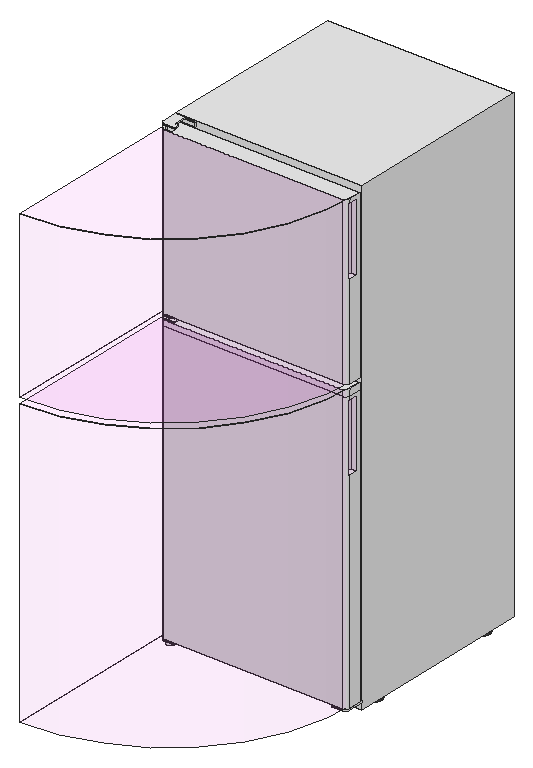
Revit family "QF_Summit_FF1088W_Top Mount Refrigerator_Freezer", category Specialty Equipment, Revit 2020
Family settings
  Round Connector Dimension = Use Diameter
  Part Type = Normal
  Work Plane-Based = No
  Always vertical = Yes
  Cut with Voids When Loaded = No
  Shared = No
  Room Calculation Point = No
Parameters
  Weight in Pounds = 117
  Watts = Volts * FL Amps  # 172.5 W
  Volts = 115 V
  URL Cutsheet = ""
  Specification by User = ""
  Specification by Manufacturer = ""
  Show RHD [instance] = not(Show LHD)  # yes
  Show LHD [instance] = no
  Show Clearance [instance] = yes
  Serial Number = ""
  Seismic Rating = ""
  SMACNA No = ""
  Revision Code = ""
  Refrigerant Volume = 0.00 kip
  Refrigerant Type = "R600a"
  Phase = 1
  Number of Poles = 1
  NAFEM Spec ID Number = ""
  Model = "FF1088W"
  Min Ckt Ampacity = 0 A
  Max Overcurrent Protection = 0 A
  Masterspec = ""
  Manufacturer = "Summit"
  Length = 23 1/4"
  Item Number = ""
  Installed By = ""
  Identify Quantity as Lot = yes
  Height = 59 5/8"
  HP = ""
  Furnished By = ""
  Foodservice Equipment Identifier = yes
  FL Amps = 1.5 A
  Electrical Remarks = ""
  Electric Connection Type = ""
  Elec Conn RI Height = 0"
  Elec Conn Connection Height = 0"
  Description = "Top Mount Refrigerator-Freezer"
  Depth = 26 1/2"
  Default Elevation = 0"
  Cycle = 60 Hz
  Conn Plug = ""
  Conn Conduit = yes
  CSI MasterFormat = ""
  BTUH = 0.0 Btu/h
  Apparent Power = 0 VA
Reference planes (in)
  plane 1 "BACK": y = 0
  plane 2: z = 0
  plane 3 "LEFT": x = 0
  plane 4 "RIGHT": x = 23.25
  plane 5 "FRONT": y = -26.5
  plane 6 "TOP": z = 59.625
  plane 7 "Center Y": x = 11.625
  plane 8 "Center X": y = -13.25
Dimensions and locks (in)
  equal spacing: plane 3 "LEFT", plane 7 "Center Y", plane 4 "RIGHT"
  "Length": plane 3 "LEFT" to plane 4 "RIGHT"
  equal spacing: plane 5 "FRONT", plane 8 "Center X", plane 1 "BACK"
  "Depth": plane 5 "FRONT" to plane 1 "BACK"
  "Height": plane 6 "TOP" to level
  aligned and locked: level to plane 2
Nested families (in)
  nested 1: "FF1087B" at (0, 0, 0), Show Clearance <- "Show Clearance", Show LHD <- "Show LHD", Show RHD <- "Show RHD", type "FF1087B"
    with Show RHD yes, Show LHD no, Show Clearance yes
Connectors (in)
  electrical at (19.5385, 0.03125, 2.88959), driven by "Volts", driven by "Watts"
    settings: on nested 1, index 1, voltage 115 V, apparent load 172.5 VA, apparent load phase1 0 VA, apparent load phase2 0 VA, apparent load phase3 0 VA, power factor 1, load classification "Other", number of poles 1, system type 30, power factor state 1, is connector primary yes, connector utility no, sub classification motor no, connector description "ELECTRICAL CONNECTION"
Definition of nested family "FF1087B"
  Parameters (values of type "FF1087B")
    Weight in Pounds = 0
    URL Cutsheet = ""
    Specification by User = ""
    Specification by Manufacturer = ""
    Show RHD [instance] = yes
    Show LHD [instance] = yes
    Show Clearance [instance] = yes
    Serial Number = ""
    Seismic Rating = ""
    SMACNA No = ""
    Revision Code = ""
    NAFEM Spec ID Number = ""
    Masterspec = ""
    Length = 23 1/4"
    Item Number = ""
    Installed By = ""
    Identify Quantity as Lot = yes
    Height = 59 5/8"
    Furnished By = ""
    Foodservice Equipment Identifier = yes
    Depth = 26 1/2"
    Default Elevation = 0"
    CSI MasterFormat = ""
  Reference planes (in)
    plane 1 "BACK": y = 0
    plane 2: z = 0
    plane 3 "LEFT": x = 0
    plane 4 "RIGHT": x = 23.25
    plane 5 "FRONT": y = -26.5
    plane 6 "TOP": z = 59.625
    plane 7 "Center Y": x = 11.625
    plane 8 "Center X": y = -13.25
    plane 9: z = 1
    plane 10: y = -48
  Forms (in)
    Extrusion 1, solid
      sketch origin (-7.61333, -180, 1) x (-1, 0, 0) y (0, -1, 0)
        loop
          line (-7.61333, -180) -> (-7.61333, -156.375) -> (-30.86333, -156.375) -> (-30.86333, -180) -> (-7.61333, -180)
      from 0 to 58.625
    Extrusion 2, solid
      sketch origin (-7.61333, -180, 59) x (-1, 0, 0) y (0, -1, 0)
        loop
          line (-7.61333, -155.93028) -> (-7.61333, -154.39525)
          arc (-7.61333, -154.39525) -> (-7.74743, -154.05448) -> (-8.07781, -153.89651) r 0.5
          arc (-8.07781, -153.89651) -> (-19.23833, -153.49958) -> (-30.39885, -153.89651) r 157.10016
          arc (-30.39885, -153.89651) -> (-30.72922, -154.05448) -> (-30.86333, -154.39525) r 0.5
          line (-30.86333, -154.39525) -> (-30.86333, -155.93028) -> (-7.61333, -155.93028)
      from 0 to -20.625
    Extrusion 3, solid
      sketch origin (-7.61333, -180, 37.75) x (-1, 0, 0) y (0, -1, 0)
        loop
          line (-7.61333, -155.93028) -> (-7.61333, -154.39525)
          arc (-7.61333, -154.39525) -> (-7.74743, -154.05448) -> (-8.07781, -153.89651) r 0.5
          arc (-8.07781, -153.89651) -> (-19.23833, -153.49958) -> (-30.39885, -153.89651) r 157.10016
          arc (-30.39885, -153.89651) -> (-30.72922, -154.05448) -> (-30.86333, -154.39525) r 0.5
          line (-30.86333, -154.39525) -> (-30.86333, -155.93028) -> (-7.61333, -155.93028)
      from -0.75 to -35.75
    Extrusion 4, solid
      sketch origin (-7.61333, -180, 59) x (-1, 0, 0) y (0, -1, 0)
        loop
          line (-30.74672, -156.375) -> (-7.74209, -156.375) -> (-7.74209, -155.93028) -> (-30.74672, -155.93028) -> (-30.74672, -156.375)
      from -0.24547 to -20.26909
    Extrusion 5, solid
      sketch origin (-7.61333, -180, 37.75) x (-1, 0, 0) y (0, -1, 0)
        loop
          line (-30.74672, -156.375) -> (-7.74209, -156.375) -> (-7.74209, -155.93028) -> (-30.74672, -155.93028) -> (-30.74672, -156.375)
      from -0.38759 to -35.3814
    Extrusion 6, solid, visible <- "Show LHD"
      sketch origin (-7.61333, -180, 59.625) x (-1, 0, 0) y (0, -1, 0)
        loop
          line (-29.60685, -156.21332) -> (-29.60685, -154.96332) -> (-29.07652, -154.43299) -> (-29.07652, -153.89651) -> (-30.39885, -153.89651)
          arc (-30.39885, -153.89651) -> (-30.72922, -154.05448) -> (-30.86333, -154.39525) r 0.5
          line (-30.86333, -154.39525) -> (-30.86333, -156.375) -> (-28.35685, -156.375) -> (-28.35685, -156.21332) -> (-29.60685, -156.21332)
      from 0 to -0.11515
    Extrusion 7, solid, visible <- "Show LHD"
      sketch origin (-7.61333, -180, 59.50985) x (0, -1, 0) y (-1, 0, 0)
        loop
          circle (-154.55995, -30.08212) r 0.5
      from 0 to 0.50985
    Extrusion 8, solid, visible <- "Show LHD"
      sketch origin (24.24916, -23.625, 1) x (-1, 0, 0) y (0, 0, -1)
        loop
          line (3.50564, -58.50985) -> (3.50564, -58) -> (0.99916, -58) -> (0.99916, -58.50985) -> (3.50564, -58.50985)
      from 0 to 0.16168
    Extrusion 9, solid, visible <- "Show LHD"
      sketch origin (-7.61333, -180, 38.375) x (0, -1, 0) y (-1, 0, 0)
        loop
          line (-156.21332, -29.60685) -> (-156.21332, -28.35685) -> (-156.375, -28.35685) -> (-156.375, -30.86333) -> (-154.39525, -30.86333)
          arc (-154.39525, -30.86333) -> (-154.05448, -30.72922) -> (-153.89651, -30.39885) r 0.5
          line (-153.89651, -30.39885) -> (-153.89651, -29.07652) -> (-154.43299, -29.07652) -> (-154.96332, -29.60685) -> (-156.21332, -29.60685)
      from 0 to 0.11328
    Extrusion 10, solid, visible <- "Show LHD"
      sketch origin (24.24916, -23.625, -20.13485) x (-1, 0, 0) y (0, 0, -1)
        loop
          line (3.50564, -58.50985) -> (3.50564, -58.19538) -> (0.99916, -58.19538) -> (0.99916, -58.50985) -> (3.50564, -58.50985)
      from 0 to 0.16168
    Extrusion 11, solid, visible <- "Show LHD"
      sketch origin (-7.61333, -180, 38.26172) x (1, 0, 0) y (0, -1, 0)
        loop
          circle (30.08212, -154.55995) r 0.5
      from 0 to 0.20119
    Extrusion 12, solid, visible <- "Show LHD"
      sketch origin (-7.61333, -180, 37.87144) x (1, 0, 0) y (0, 1, 0)
        loop
          line (29.60685, 156.21332) -> (29.60685, 154.96332) -> (29.07652, 154.43299) -> (29.07652, 153.89651) -> (30.39885, 153.89651)
          arc (30.39885, 153.89651) -> (30.72922, 154.05448) -> (30.86333, 154.39525) r 0.5
          line (30.86333, 154.39525) -> (30.86333, 156.375) -> (28.35685, 156.375) -> (28.35685, 156.21332) -> (29.60685, 156.21332)
      from 0 to 0.11328
    Extrusion 13, solid, visible <- "Show LHD"
      sketch origin (24.24916, -23.625, 96.25985) x (-1, 0, 0) y (0, 0, -1)
        loop
          line (3.50564, 58.50985) -> (0.99916, 58.50985) -> (0.99916, 58.38841) -> (3.50564, 58.38841) -> (3.50564, 58.50985)
      from 0 to 0.16168
    Extrusion 14, solid, visible <- "Show LHD"
      sketch origin (-7.61333, -180, 37.98472) x (0, 1, 0) y (1, 0, 0)
        loop
          circle (154.55995, 30.08212) r 0.5
      from 0.11328 to 0.23472
    Extrusion 15, solid
      sketch origin (-7.61333, -180, 1.87856) x (0, -1, 0) y (-1, 0, 0)
        loop
          line (-156.21332, -29.60685) -> (-156.21332, -28.35685) -> (-156.375, -28.35685) -> (-156.375, -30.86333) -> (-154.39525, -30.86333)
          arc (-154.39525, -30.86333) -> (-154.05448, -30.72922) -> (-153.89651, -30.39885) r 0.5
          line (-153.89651, -30.39885) -> (-153.89651, -29.07652) -> (-154.43299, -29.07652) -> (-154.96332, -29.60685) -> (-156.21332, -29.60685)
      from 0 to 0.11328
    Extrusion 16, solid
      sketch origin (24.24916, -23.625, -56.50985) x (-1, 0, 0) y (0, 0, -1)
        loop
          line (3.50564, -58.50985) -> (3.50564, -58.38841) -> (0.99916, -58.38841) -> (0.99916, -58.50985) -> (3.50564, -58.50985)
      from 0 to 0.16168
    Extrusion 17, solid
      sketch origin (-7.61333, -180, 1.87856) x (0, -1, 0) y (1, 0, 0)
        loop
          circle (-154.55995, 30.08212) r 0.5
      from 0 to 0.12144
    Extrusion 18, solid
      sketch origin (0, 0, 0) x (1, 0, 0) y (0, 0, 1)
        loop
          circle (19.5385, 2.88959) r 0.25
      from 0 to -0.03125
    Extrusion 19, solid, visible <- "Show LHD"
      sketch origin (-7.61333, -180, 59) x (-1, 0, 0) y (0, -1, 0)
        loop
          arc (-7.61333, -155.93028) -> (-14.17783, -139.0485) -> (-30.86333, -132) r 23.25
          line (-30.86333, -132) -> (-30.86333, -155.93028) -> (-7.61333, -155.93028)
      from 0 to -20.625
    Extrusion 20, solid, visible <- "Show LHD"
      sketch origin (-7.61333, -180, 37) x (-1, 0, 0) y (0, -1, 0)
        loop
          arc (-7.62328, -155.93028) -> (-14.18431, -139.05207) -> (-30.86333, -132) r 23.25
          line (-30.86333, -132) -> (-30.86333, -155.93028) -> (-7.62328, -155.93028)
      from 0.75 to -35
    Extrusion 21, void
      sketch origin (0, 0, 0) x (0, 1, 0) y (0, 0, 1)
        loop
          line (-24.51783, 58.58233) -> (-25.76783, 58.58233) -> (-25.76783, 50.08233) -> (-24.51783, 50.08233) -> (-24.51783, 58.58233)
        loop
          line (-24.51783, 36.58233) -> (-25.76783, 36.58233) -> (-25.76783, 28.08233) -> (-24.51783, 28.08233) -> (-24.51783, 36.58233)
      from 0 to 0.6986
    Revolve 22, solid
      sketch origin (-240, -19.625, 7.84354) x (0, 0, 1) y (-1, 0, 0)
        loop
          line (-6.84354, -241.5) -> (-7.84354, -241.5) -> (-7.84354, -242.25) -> (-6.84354, -242.25) -> (-6.84354, -241.5)
        axis (-7.84354, -241.5) -> (-6.84354, -241.5)
      angle from 0 to 360
    Revolve 23, solid
      sketch origin (-240, -19.625, 7.84354) x (0, 0, 1) y (-1, 0, 0)
        loop
          line (-6.84354, -261.75) -> (-6.84354, -261) -> (-7.84354, -261) -> (-7.84354, -261.75) -> (-6.84354, -261.75)
        axis (-7.84354, -261.75) -> (-6.84354, -261.75)
      angle from 0 to 360
    Revolve 24, solid
      sketch origin (-240, -2.75, 7.84354) x (0, 0, 1) y (1, 0, 0)
        loop
          line (-6.84354, 241.5) -> (-6.84354, 242.25) -> (-7.84354, 242.25) -> (-7.84354, 241.5) -> (-6.84354, 241.5)
        axis (-7.84354, 241.5) -> (-6.84354, 241.5)
      angle from 0 to 360
    Revolve 25, solid
      sketch origin (-240, -2.75, 7.84354) x (0, 0, 1) y (1, 0, 0)
        loop
          line (-6.84354, 261.75) -> (-7.84354, 261.75) -> (-7.84354, 261) -> (-6.84354, 261) -> (-6.84354, 261.75)
        axis (-7.84354, 261.75) -> (-6.84354, 261.75)
      angle from 0 to 360
    Extrusion 26, solid, visible <- "Show RHD"
      sketch origin (30.86333, -180, 59) x (1, 0, 0) y (0, 1, 0)
        loop
          line (-7.61333, 155.93028) -> (-30.86333, 155.93028) -> (-30.86333, 132)
          arc (-30.86333, 132) -> (-14.17783, 139.0485) -> (-7.61333, 155.93028) r 23.25
      from 0 to -20.625
    Extrusion 27, solid, visible <- "Show RHD"
      sketch origin (30.86333, -180, 37) x (1, 0, 0) y (0, 1, 0)
        loop
          line (-7.62328, 155.93028) -> (-30.86333, 155.93028) -> (-30.86333, 132)
          arc (-30.86333, 132) -> (-14.18431, 139.05207) -> (-7.62328, 155.93028) r 23.25
      from 0.75 to -35
    Extrusion 28, solid, visible <- "Show RHD"
      sketch origin (30.86333, -180, 59.625) x (1, 0, 0) y (0, 1, 0)
        loop
          line (-29.60685, 156.21332) -> (-28.35685, 156.21332) -> (-28.35685, 156.375) -> (-30.86333, 156.375) -> (-30.86333, 154.39525)
          arc (-30.86333, 154.39525) -> (-30.72922, 154.05448) -> (-30.39885, 153.89651) r 0.5
          line (-30.39885, 153.89651) -> (-29.07652, 153.89651) -> (-29.07652, 154.43299) -> (-29.60685, 154.96332) -> (-29.60685, 156.21332)
      from 0 to -0.11515
    Extrusion 29, solid, visible <- "Show RHD"
      sketch origin (30.86333, -180, 59.50985) x (0, 1, 0) y (1, 0, 0)
        loop
          circle (154.55995, -30.08212) r 0.5
      from 0 to 0.50985
    Extrusion 30, solid, visible <- "Show RHD"
      sketch origin (-0.99916, -23.625, 1) x (1, 0, 0) y (0, 0, 1)
        loop
          line (3.50564, 58.50985) -> (0.99916, 58.50985) -> (0.99916, 58) -> (3.50564, 58) -> (3.50564, 58.50985)
      from 0 to 0.16168
    Extrusion 31, solid, visible <- "Show RHD"
      sketch origin (30.86333, -180, 38.375) x (0, 1, 0) y (1, 0, 0)
        loop
          line (156.21332, -29.60685) -> (154.96332, -29.60685) -> (154.43299, -29.07652) -> (153.89651, -29.07652) -> (153.89651, -30.39885)
          arc (153.89651, -30.39885) -> (154.05448, -30.72922) -> (154.39525, -30.86333) r 0.5
          line (154.39525, -30.86333) -> (156.375, -30.86333) -> (156.375, -28.35685) -> (156.21332, -28.35685) -> (156.21332, -29.60685)
      from 0 to 0.11328
    Extrusion 32, solid, visible <- "Show RHD"
      sketch origin (-0.99916, -23.625, -20.13485) x (1, 0, 0) y (0, 0, 1)
        loop
          line (3.50564, 58.50985) -> (0.99916, 58.50985) -> (0.99916, 58.19538) -> (3.50564, 58.19538) -> (3.50564, 58.50985)
      from 0 to 0.16168
    Extrusion 33, solid, visible <- "Show RHD"
      sketch origin (30.86333, -180, 38.26172) x (-1, 0, 0) y (0, 1, 0)
        loop
          circle (30.08212, 154.55995) r 0.5
      from 0 to 0.20119
    Extrusion 34, solid, visible <- "Show RHD"
      sketch origin (30.86333, -180, 37.87144) x (-1, 0, 0) y (0, -1, 0)
        loop
          line (29.60685, -156.21332) -> (28.35685, -156.21332) -> (28.35685, -156.375) -> (30.86333, -156.375) -> (30.86333, -154.39525)
          arc (30.86333, -154.39525) -> (30.72922, -154.05448) -> (30.39885, -153.89651) r 0.5
          line (30.39885, -153.89651) -> (29.07652, -153.89651) -> (29.07652, -154.43299) -> (29.60685, -154.96332) -> (29.60685, -156.21332)
      from 0 to 0.11328
    Extrusion 35, solid, visible <- "Show RHD"
      sketch origin (-0.99916, -23.625, 96.25985) x (1, 0, 0) y (0, 0, 1)
        loop
          line (3.50564, -58.50985) -> (3.50564, -58.38841) -> (0.99916, -58.38841) -> (0.99916, -58.50985) -> (3.50564, -58.50985)
      from 0 to 0.16168
    Extrusion 36, solid, visible <- "Show RHD"
      sketch origin (30.86333, -180, 37.98472) x (0, -1, 0) y (-1, 0, 0)
        loop
          circle (-154.55995, 30.08212) r 0.5
      from 0.11328 to 0.23472
    Extrusion 37, void
      sketch origin (23.25, 0, 0) x (0, 1, 0) y (0, 0, -1)
        loop
          line (-24.51783, -58.58233) -> (-24.51783, -50.08233) -> (-25.76783, -50.08233) -> (-25.76783, -58.58233) -> (-24.51783, -58.58233)
        loop
          line (-24.51783, -36.58233) -> (-24.51783, -28.08233) -> (-25.76783, -28.08233) -> (-25.76783, -36.58233) -> (-24.51783, -36.58233)
      from 0 to 0.6986
    Extrusion 38, solid
      sketch origin (-7.61333, -180, 39.75) x (-1, 0, 0) y (0, -1, 0)
        loop
          line (-7.61333, -155.93028) -> (-7.61333, -154.39525)
          arc (-7.61333, -154.39525) -> (-7.74743, -154.05448) -> (-8.07781, -153.89651) r 0.5
          arc (-8.07781, -153.89651) -> (-19.23833, -153.49958) -> (-30.39885, -153.89651) r 157.10016
          arc (-30.39885, -153.89651) -> (-30.72922, -154.05448) -> (-30.86333, -154.39525) r 0.5
          line (-30.86333, -154.39525) -> (-30.86333, -155.93028) -> (-7.61333, -155.93028)
      from -2 to -2.75
    Extrusion 39, solid, visible <- "Show RHD"
      sketch origin (30.86333, -180, 1.76341) x (0, -1, 0) y (-1, 0, 0)
        loop
          line (-156.21332, 29.60685) -> (-154.96332, 29.60685) -> (-154.43299, 29.07652) -> (-153.89651, 29.07652) -> (-153.89651, 30.39885)
          arc (-153.89651, 30.39885) -> (-154.05448, 30.72922) -> (-154.39525, 30.86333) r 0.5
          line (-154.39525, 30.86333) -> (-156.375, 30.86333) -> (-156.375, 28.35685) -> (-156.21332, 28.35685) -> (-156.21332, 29.60685)
      from 0 to -0.11515
    Extrusion 40, solid, visible <- "Show RHD"
      sketch origin (30.86333, -180, 1.87856) x (1, 0, 0) y (0, -1, 0)
        loop
          circle (-30.08212, -154.55995) r 0.5
      from 0 to 0.50985
    Extrusion 41, solid, visible <- "Show RHD"
      sketch origin (-0.99916, -23.625, 60.38841) x (1, 0, 0) y (0, 0, 1)
        loop
          line (3.50564, -58.50985) -> (3.50564, -58.38841) -> (0.99916, -58.38841) -> (0.99916, -58.50985) -> (3.50564, -58.50985)
      from 0 to 0.16168
  Cuts and joins
    joined: Extrusion 6, Extrusion 8
    joined: Extrusion 15, Extrusion 16
    joined: Extrusion 12, Extrusion 13
    joined: Extrusion 9, Extrusion 10
    Extrusion 21, Extrusion 37 cuts Extrusion 2
    Extrusion 21, Extrusion 37 cuts Extrusion 3
    Extrusion 37 cuts Extrusion 20
  Lines and regions (in)
    symbolic lines, visible <- "Show LHD"
      curve 1: line (23.25, -24.06972, 0) -> (2.81923, -35.86543, 0)
      curve 2: arc (0, -24.06972, 0) -> (0.62694, -30.15463, 0) -> (2.81923, -35.86543, 0) r 23.25
      curve 7: line (20.74352, -23.625, 0) -> (20.74352, -23.78668, 0)
      curve 8: line (20.74352, -23.78668, 0) -> (23.25, -23.78668, 0)
      curve 9: line (21.99352, -23.78668, 0) -> (21.99352, -25.03668, 0)
      curve 10: line (21.99352, -25.03668, 0) -> (21.46319, -25.56701, 0)
      curve 11: line (21.46319, -25.56701, 0) -> (21.46319, -26.10349, 0)
      curve 12: line (21.46319, -26.10349, 0) -> (22.78552, -26.10349, 0)
      curve 15: line (21.99352, -24.06972, 0) -> (0, -24.06972, 0)
    symbolic lines
      curve 3: line (0, 0, 0) -> (0, -23.625, 0)
      curve 4: line (0, -23.625, 0) -> (23.25, -23.625, 0)
      curve 5: line (23.25, -25.60475, 0) -> (23.25, 0, 0)
      curve 6: line (23.25, 0, 0) -> (0, 0, 0)
      curve 13: arc (22.78552, -26.10349, 0) -> (23.1159, -25.94552, 0) -> (23.25, -25.60475, 0) r 0.5
      curve 14: line (0.12876, -23.625, 0) -> (0.12876, -24.06972, 0)
      curve 16: line (0, -24.06972, 0) -> (0, -25.60475, 0)
      curve 17: arc (0, -25.60475, 0) -> (0.1341, -25.94552, 0) -> (0.46448, -26.10349, 0) r 0.5
      curve 18: arc (0.46448, -26.10349, 0) -> (11.625, -26.50042, 0) -> (22.78552, -26.10349, 0) r 157.10016
    symbolic lines, visible <- "Show RHD"
      curve 19: line (0, -24.06972, 0) -> (20.43077, -35.86543, 0)
      curve 20: arc (23.25, -24.06972, 0) -> (22.62306, -30.15463, 0) -> (20.43077, -35.86543, 0) r 23.25
      curve 21: line (1.25648, -23.78668, 0) -> (1.25648, -25.03668, 0)
      curve 22: line (1.25648, -25.03668, 0) -> (1.78681, -25.56701, 0)
      curve 23: line (1.78681, -25.56701, 0) -> (1.78681, -26.10349, 0)
      curve 24: line (1.78681, -26.10349, 0) -> (0.46448, -26.10349, 0)
      curve 25: line (2.50648, -23.625, 0) -> (2.50648, -23.78668, 0)
      curve 26: line (2.50648, -23.78668, 0) -> (0, -23.78668, 0)
      curve 27: line (1.25648, -24.06972, 0) -> (23.25, -24.06972, 0)
  Dimensions and locks (in)
    equal spacing: plane 3 "LEFT", plane 7 "Center Y", plane 4 "RIGHT"
    "Length": plane 3 "LEFT" to plane 4 "RIGHT"
    equal spacing: plane 5 "FRONT", plane 8 "Center X", plane 1 "BACK"
    "Depth": plane 5 "FRONT" to plane 1 "BACK"
    "Height": plane 6 "TOP" to level
    plane 1 "BACK" to plane 10 = 48"
    aligned and locked: level to plane 2
    aligned and locked: cut or joined group of Extrusion 20, Extrusion 37 to Extrusion 38
    aligned and locked: Extrusion 27 to cut or joined group of Extrusion 20, Extrusion 37
    aligned and locked: Extrusion 20 to Extrusion 17
    aligned and locked: Extrusion 27 to Extrusion 17
  Automatic sketch dimensions
    curve 19 to plane 3 "LEFT" = 0"
    curve 26 to plane 3 "LEFT" = 0"
    plane 1 "BACK" to curve 3 = 0"
    curve 3 to plane 3 "LEFT" = 0"
    curve 18 to plane 7 "Center Y" = 0"
    curve 13 to plane 4 "RIGHT" = 0"
    plane 3 "LEFT" to curve 20 = 0.00995"
    plane 3 "LEFT" to curve 24 = 0.46448"
    curve 17 to curve 17 = 0.03552"
    curve 17 to curve 21 = 0.75648"
    curve 21 to curve 23 = 0.53033"
    curve 21 to curve 26 = 1 1/4"
    plane 3 "LEFT" to curve 1 = 2.81923"
    plane 4 "RIGHT" to curve 19 = 2.81923"
    plane 4 "RIGHT" to curve 8 = 2.50648"
    plane 4 "RIGHT" to curve 11 = 1.78681"
    curve 10 to curve 9 = 0.53033"
    plane 4 "RIGHT" to curve 13 = 1/2"
    plane 4 "RIGHT" to curve 2 = 0.00995"
    curve 3 to plane 5 "FRONT" = 2 7/8"
    curve 25 to curve 25 = 0.16168"
    curve 7 to curve 7 = 0.16168"
    curve 27 to curve 8 = 0.28304"
    curve 19 to curve 26 = 0.28304"
    curve 2 to curve 1 = 0.68028"
    curve 20 to curve 15 = 0.68028"
    curve 10 to curve 15 = 0.96696"
    curve 21 to curve 27 = 0.96696"
    curve 23 to curve 21 = 0.53033"
    curve 11 to curve 9 = 0.53033"
    curve 5 to curve 2 = 0.85475"
    curve 19 to curve 11 = 9.76194"
    curve 15 to curve 14 = 0.12876"
    plane 1 "BACK" to Extrusion 1 sketch curve = 0"
    Extrusion 1 sketch curve to plane 4 "RIGHT" = 0"
    Extrusion 1 sketch curve to plane 3 "LEFT" = 0"
    Extrusion 1 sketch curve to plane 5 "FRONT" = 2 7/8"
    Extrusion 2 sketch curve to plane 4 "RIGHT" = 0"
    Extrusion 2 sketch curve to plane 7 "Center Y" = 0"
    Extrusion 2 sketch curve to plane 3 "LEFT" = 0"
    plane 4 "RIGHT" to Extrusion 2 sketch curve = 1/2"
    Extrusion 2 sketch curve to Extrusion 2 sketch curve = 1/2"
    Extrusion 2 sketch curve to plane 1 "BACK" = 130.59974"
    Extrusion 2 sketch curve to plane 5 "FRONT" = 2.43028"
    Extrusion 2 sketch curve to plane 5 "FRONT" = 0.89525"  (x2)
    Extrusion 2 sketch curve to Extrusion 2 sketch curve = 0"
    Extrusion 3 sketch curve to plane 4 "RIGHT" = 0"
    Extrusion 3 sketch curve to plane 7 "Center Y" = 0"
    Extrusion 3 sketch curve to plane 3 "LEFT" = 0"
    plane 4 "RIGHT" to Extrusion 3 sketch curve = 1/2"
    Extrusion 3 sketch curve to Extrusion 3 sketch curve = 1/2"
    Extrusion 3 sketch curve to plane 1 "BACK" = 130.59974"
    Extrusion 3 sketch curve to plane 5 "FRONT" = 2.43028"
    Extrusion 3 sketch curve to plane 5 "FRONT" = 0.89525"  (x2)
    Extrusion 3 sketch curve to Extrusion 3 sketch curve = 0"
    Extrusion 4 sketch curve to Extrusion 2 = 0"
    Extrusion 4 sketch curve to Extrusion 2 = 0.11661"
    Extrusion 4 sketch curve to Extrusion 2 = 0.12876"
    Extrusion 2 to Extrusion 4 sketch curve = 0.44472"
    plane 4 "RIGHT" to Extrusion 5 sketch curve = 0.11661"
    plane 3 "LEFT" to Extrusion 5 sketch curve = 0.12876"
    Extrusion 5 sketch curve to plane 5 "FRONT" = 2 7/8"
    Extrusion 5 sketch curve to Extrusion 5 sketch curve = 0.44472"
    Extrusion 6 sketch curve to Extrusion 1 = 0"
    Extrusion 1 to Extrusion 6 sketch curve = 0"
    Extrusion 6 sketch curve to Extrusion 1 = 0.46448"
    Extrusion 6 sketch curve to Extrusion 6 sketch curve = 1/2"
    Extrusion 6 sketch curve to Extrusion 6 sketch curve = 0.75648"
    Extrusion 6 sketch curve to Extrusion 6 sketch curve = 0.53033"  (x2)
    Extrusion 6 sketch curve to Extrusion 6 sketch curve = 1 1/4"  (x2)
    Extrusion 1 to Extrusion 6 sketch curve = 0.16168"
    Extrusion 6 sketch curve to Extrusion 6 sketch curve = 0.56807"
    Extrusion 6 to Extrusion 7 sketch curve = 0.66344"
    Extrusion 6 to Extrusion 7 sketch curve = 0.47527"
    Extrusion 8 sketch curve to Extrusion 1 = 0"
    Extrusion 1 to Extrusion 8 sketch curve = 5/8"
    Extrusion 8 sketch curve to Extrusion 8 sketch curve = 2.50648"
    Extrusion 1 to Extrusion 8 sketch curve = 0.11515"
    Extrusion 9 sketch curve to Extrusion 9 sketch curve = 0.03774"
    Extrusion 9 sketch curve to Extrusion 9 sketch curve = 0.53033"  (x2)
    Extrusion 9 sketch curve to Extrusion 2 = 0.28304"
    Extrusion 9 sketch curve to Extrusion 2 = 0.44472"
    Extrusion 9 sketch curve to Extrusion 9 sketch curve = 0.53648"
    Extrusion 2 to Extrusion 9 sketch curve = 1.25648"
    Extrusion 9 sketch curve to Extrusion 9 sketch curve = 1 1/4"
    Extrusion 10 sketch curve to Extrusion 1 = 0"
    Extrusion 10 sketch curve to Extrusion 10 sketch curve = 2.50648"
    Extrusion 1 to Extrusion 10 sketch curve = 21 1/4"
    Extrusion 10 sketch curve to Extrusion 10 sketch curve = 0.31447"
    Extrusion 9 to Extrusion 11 sketch curve = 0.47527"
    Extrusion 9 to Extrusion 11 sketch curve = 0.66344"
    Extrusion 12 sketch curve to plane 4 "RIGHT" = 0"
    plane 4 "RIGHT" to Extrusion 12 sketch curve = 0.46448"
    plane 4 "RIGHT" to Extrusion 12 sketch curve = 1/2"
    plane 4 "RIGHT" to Extrusion 12 sketch curve = 1.25648"
    Extrusion 12 sketch curve to plane 5 "FRONT" = 0.39651"
    Extrusion 12 sketch curve to Extrusion 12 sketch curve = 0.53033"  (x2)
    Extrusion 12 sketch curve to Extrusion 12 sketch curve = 1 1/4"  (x2)
    Extrusion 12 sketch curve to Extrusion 12 sketch curve = 0.53648"
    Extrusion 12 sketch curve to Extrusion 12 sketch curve = 0.16168"
    Extrusion 13 sketch curve to Extrusion 1 = 0"
    Extrusion 13 sketch curve to Extrusion 13 sketch curve = 2.50648"
    Extrusion 1 to Extrusion 13 sketch curve = 21.75356"
    Extrusion 13 sketch curve to Extrusion 13 sketch curve = 0.12144"
    Extrusion 14 sketch curve to Extrusion 12 = 0.66344"
    Extrusion 14 sketch curve to Extrusion 12 = 0.47527"
    Extrusion 15 sketch curve to plane 4 "RIGHT" = 0"
    Extrusion 15 sketch curve to plane 5 "FRONT" = 2 7/8"
    Extrusion 15 sketch curve to Extrusion 15 sketch curve = 0.16168"
    Extrusion 15 sketch curve to Extrusion 15 sketch curve = 1 1/4"  (x2)
    Extrusion 15 sketch curve to Extrusion 15 sketch curve = 0.53033"  (x2)
    plane 4 "RIGHT" to Extrusion 15 sketch curve = 1/2"
    Extrusion 15 sketch curve to plane 5 "FRONT" = 0.89525"
    Extrusion 15 sketch curve to plane 5 "FRONT" = 0.39651"
    plane 4 "RIGHT" to Extrusion 15 sketch curve = 1.25648"
    Extrusion 16 sketch curve to Extrusion 1 = 0"
    Extrusion 1 to Extrusion 16 sketch curve = 0.87856"
    Extrusion 16 sketch curve to Extrusion 16 sketch curve = 2.50648"
    Extrusion 16 sketch curve to Extrusion 16 sketch curve = 0.12144"
    Extrusion 17 sketch curve to Extrusion 15 = 0.66344"
    Extrusion 17 sketch curve to Extrusion 15 = 0.47527"
    plane 4 "RIGHT" to Extrusion 18 sketch curve = 3.7115"
    plane 9 to Extrusion 18 sketch curve = 1.88959"
    Extrusion 19 sketch curve to Extrusion 2 = 0"  (x3)
    Extrusion 19 sketch curve to Extrusion 2 = 0.00995"
    Extrusion 19 sketch curve to Extrusion 2 = 0.68028"
    Extrusion 20 sketch curve to Extrusion 3 = 0"  (x2)
    Extrusion 20 sketch curve to Extrusion 3 = 0.00995"
    Extrusion 20 sketch curve to Extrusion 3 = 0.68028"
    Extrusion 21 sketch curve to plane 5 "FRONT" = 0.73217"  (x2)
    Extrusion 21 sketch curve to Extrusion 21 sketch curve = 1 1/4"  (x2)
    plane 9 to Extrusion 21 sketch curve = 27.08233"
    Extrusion 21 sketch curve to Extrusion 21 sketch curve = 8 1/2"
    Extrusion 21 sketch curve to plane 6 "TOP" = 9.54267"
    Extrusion 21 sketch curve to plane 6 "TOP" = 1.04267"
    Revolve 22 sketch curve to level = 0"  (x2)
    Revolve 22 sketch curve to plane 9 = 0"
    plane 3 "LEFT" to Revolve 22 sketch curve = 2 1/4"
    Revolve 22 sketch curve to Revolve 22 sketch curve = 3/4"
    Revolve 22 sketch curve to Revolve 22 sketch curve = 0.37507"
    Revolve 22 sketch curve to Revolve 22 sketch curve = 0"
    Revolve 23 sketch curve to level = 0"  (x2)
    Revolve 23 sketch curve to plane 9 = 0"
    plane 4 "RIGHT" to Revolve 23 sketch curve = 1 1/2"
    Revolve 23 sketch curve to Revolve 23 sketch curve = 3/4"
    Revolve 23 sketch curve to Revolve 23 sketch curve = 0.37507"
    Revolve 23 sketch curve to Revolve 23 sketch curve = 0"
    Revolve 24 sketch curve to level = 0"  (x2)
    Revolve 24 sketch curve to plane 9 = 0"
    plane 3 "LEFT" to Revolve 24 sketch curve = 1 1/2"
    Revolve 24 sketch curve to Revolve 24 sketch curve = 3/4"
    Revolve 24 sketch curve to Revolve 24 sketch curve = 0.37507"
    Revolve 24 sketch curve to Revolve 24 sketch curve = 0"
    Revolve 25 sketch curve to level = 0"  (x2)
    Revolve 25 sketch curve to plane 9 = 0"
    plane 4 "RIGHT" to Revolve 25 sketch curve = 2 1/4"
    Revolve 25 sketch curve to Revolve 25 sketch curve = 3/4"
    Revolve 25 sketch curve to Revolve 25 sketch curve = 0.37507"
    Revolve 25 sketch curve to Revolve 25 sketch curve = 0"
    Extrusion 26 sketch curve to Extrusion 2 = 0"  (x3)
    Extrusion 26 sketch curve to Extrusion 2 = 0.00995"
    Extrusion 26 sketch curve to Extrusion 2 = 0.68028"
    Extrusion 27 sketch curve to Extrusion 3 = 0"  (x2)
    Extrusion 27 sketch curve to Extrusion 3 = 0.00995"
    Extrusion 27 sketch curve to Extrusion 27 sketch curve = 0.68028"
    Extrusion 28 sketch curve to Extrusion 1 = 0"
    Extrusion 1 to Extrusion 28 sketch curve = 0"
    Extrusion 28 sketch curve to Extrusion 1 = 0.46448"
    Extrusion 28 sketch curve to Extrusion 1 = 1/2"
    Extrusion 28 sketch curve to Extrusion 28 sketch curve = 0.75648"
    Extrusion 28 sketch curve to Extrusion 28 sketch curve = 0.53033"  (x2)
    Extrusion 28 sketch curve to Extrusion 28 sketch curve = 1 1/4"  (x2)
    Extrusion 1 to Extrusion 28 sketch curve = 0.16168"
    Extrusion 28 sketch curve to Extrusion 28 sketch curve = 0.56807"
    Extrusion 28 to Extrusion 29 sketch curve = 0.66344"
    Extrusion 28 to Extrusion 29 sketch curve = 0.47527"
    Extrusion 30 sketch curve to Extrusion 1 = 0"
    Extrusion 1 to Extrusion 30 sketch curve = 5/8"
    Extrusion 1 to Extrusion 30 sketch curve = 2.50648"
    Extrusion 1 to Extrusion 30 sketch curve = 0.11515"
    Extrusion 31 sketch curve to Extrusion 31 sketch curve = 0.49874"
    Extrusion 31 sketch curve to Extrusion 31 sketch curve = 0.53648"
    Extrusion 31 sketch curve to Extrusion 31 sketch curve = 0.53033"  (x2)
    Extrusion 31 sketch curve to Extrusion 2 = 0.28304"
    Extrusion 31 sketch curve to Extrusion 2 = 0.44472"
    Extrusion 2 to Extrusion 31 sketch curve = 1.25648"
    Extrusion 31 sketch curve to Extrusion 31 sketch curve = 1 1/4"
    Extrusion 32 sketch curve to Extrusion 1 = 0"
    Extrusion 1 to Extrusion 32 sketch curve = 2.50648"
    Extrusion 1 to Extrusion 32 sketch curve = 21.56447"
    Extrusion 32 sketch curve to Extrusion 32 sketch curve = 0.31447"
    Extrusion 31 to Extrusion 33 sketch curve = 0.47527"
    Extrusion 31 to Extrusion 33 sketch curve = 0.66344"
    Extrusion 34 sketch curve to plane 3 "LEFT" = 0"
    plane 3 "LEFT" to Extrusion 34 sketch curve = 0.46448"
    plane 3 "LEFT" to Extrusion 34 sketch curve = 1/2"
    plane 3 "LEFT" to Extrusion 34 sketch curve = 1.25648"
    Extrusion 34 sketch curve to plane 5 "FRONT" = 0.39651"
    Extrusion 34 sketch curve to Extrusion 34 sketch curve = 0.53033"  (x2)
    Extrusion 34 sketch curve to Extrusion 34 sketch curve = 1 1/4"  (x2)
    Extrusion 34 sketch curve to Extrusion 34 sketch curve = 0.53648"
    Extrusion 34 sketch curve to Extrusion 34 sketch curve = 0.16168"
    Extrusion 35 sketch curve to Extrusion 1 = 0"
    Extrusion 1 to Extrusion 35 sketch curve = 2.50648"
    Extrusion 1 to Extrusion 35 sketch curve = 21 7/8"
    Extrusion 35 sketch curve to Extrusion 35 sketch curve = 0.12144"
    Extrusion 36 sketch curve to Extrusion 34 = 0.66344"
    Extrusion 36 sketch curve to Extrusion 34 = 0.47527"
    Extrusion 37 sketch curve to plane 5 "FRONT" = 0.73217"  (x2)
    Extrusion 37 sketch curve to Extrusion 37 sketch curve = 1 1/4"  (x2)
    Extrusion 37 sketch curve to plane 6 "TOP" = 1.04267"
    Extrusion 37 sketch curve to Extrusion 37 sketch curve = 8 1/2"  (x2)
    Extrusion 37 sketch curve to Extrusion 37 sketch curve = 13 1/2"
    Extrusion 38 sketch curve to plane 4 "RIGHT" = 0"
    Extrusion 38 sketch curve to plane 7 "Center Y" = 0"
    Extrusion 38 sketch curve to plane 3 "LEFT" = 0"
    plane 4 "RIGHT" to Extrusion 38 sketch curve = 1/2"
    Extrusion 38 sketch curve to Extrusion 38 sketch curve = 1/2"
    Extrusion 38 sketch curve to plane 1 "BACK" = 130.59974"
    Extrusion 38 sketch curve to plane 5 "FRONT" = 2.43028"
    Extrusion 38 sketch curve to plane 5 "FRONT" = 0.89525"  (x2)
    Extrusion 38 sketch curve to Extrusion 38 sketch curve = 0"
    Extrusion 39 sketch curve to plane 3 "LEFT" = 0"
    Extrusion 39 sketch curve to plane 5 "FRONT" = 2 7/8"
    Extrusion 39 sketch curve to Extrusion 39 sketch curve = 0.16168"
    Extrusion 39 sketch curve to Extrusion 39 sketch curve = 1 1/4"  (x2)
    Extrusion 39 sketch curve to Extrusion 39 sketch curve = 0.53033"  (x2)
    plane 3 "LEFT" to Extrusion 39 sketch curve = 1/2"
    Extrusion 39 sketch curve to plane 5 "FRONT" = 0.89525"
    Extrusion 39 sketch curve to plane 5 "FRONT" = 0.39651"
    Extrusion 39 sketch curve to Extrusion 39 sketch curve = 0.75648"
    Extrusion 40 sketch curve to Extrusion 39 = 0.47527"
    Extrusion 40 sketch curve to Extrusion 39 = 0.66344"
    Extrusion 41 sketch curve to Extrusion 1 = 0"
    Extrusion 1 to Extrusion 41 sketch curve = 2.50648"
    Extrusion 1 to Extrusion 41 sketch curve = 0.87856"
    Extrusion 41 sketch curve to Extrusion 41 sketch curve = 0.12144"
    radius of Extrusion 7 sketch curve = 1/2"
    radius of Extrusion 9 sketch curve to Extrusion 2 = 0"
    radius of Extrusion 11 sketch curve = 1/2"
    radius of Extrusion 14 sketch curve = 1/2"
    radius of Extrusion 17 sketch curve = 1/2"
    radius of Extrusion 18 sketch curve = 1/4"
    radius of Extrusion 29 sketch curve = 1/2"
    radius of Extrusion 31 sketch curve to Extrusion 2 = 0"
    radius of Extrusion 33 sketch curve = 1/2"
    radius of Extrusion 36 sketch curve = 1/2"
    radius of Extrusion 40 sketch curve = 1/2"
